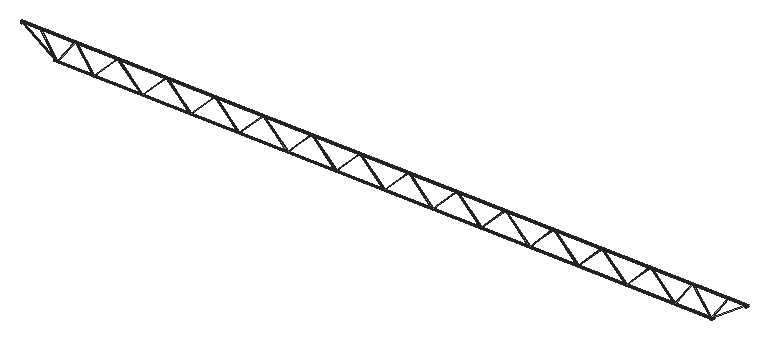
Revit family
Parameters (values of type "80SLH15")
  가변 패널 [instance] = (Length - (끝 패널 * 2) - IntPanelArrayLength) / 2  # 3068 mm
  시작 간격띄우기 [instance] = 0 mm
  시작 확장 [instance] = 0 mm
  M = 60
  웹 두께 = 25 mm
  좌석 길이 = 150 mm
  좌석 깊이 = 125 mm
  렌더링 재료 = none
  IntPanelWidth [instance] = 깊이 * 2  # 4064 mm
  IntPanelArrayNum [instance] = (PanelAreaLength / IntPanelWidth) - 2  # 12
  IntPanelArrayLength [instance] = IntPanelArrayNum * IntPanelWidth  # 48768 mm
  PanelAreaLength [instance] = Length - (끝 패널 * 2)  # 54904 mm
  끝 패널 = 1.5 * 깊이  # 3048 mm
  끝 간격띄우기 [instance] = 0 mm
  끝 확장 [instance] = 0 mm
  현재 다리 = 63.5 mm
  현재 두께 = 12.5 mm
  Assembly Code = ""
  Length [instance] = 61000 mm
  깊이 = 2032 mm
Reference planes
  plane 1 "중심(앞/뒤)": y = 0
  plane 2: z = 0
  plane 3 "중심(왼쪽/오른쪽)": x = 4.61
  plane 4 "왼쪽 부재": x = -3551.39
  plane 5 "오른쪽 부재": x = 3560.61
  plane 6: y = 76
  plane 7: y = -76
  plane 8: z = 1016
  plane 9: z = -1016
  plane 10 "왼쪽": x = -30495.39
  plane 11 "기호를 왼쪽에 부착": x = -3500.59
  plane 12 "기호를 오른쪽에 부착": x = 3509.81
  plane 13 "오른쪽": x = 30504.61
  plane 14: z = 891
  plane 15: x = -30345.39
  plane 16: x = -27447.39
  plane 17: x = -27647.39
  plane 18: x = 30354.61
  plane 19: x = 27456.61
  plane 20: y = 12.5
  plane 21: y = -12.5
  plane 22: z = 952.5
  plane 23: z = -952.5
  plane 24: x = 27656.61
  plane 25: x = -28896.39
  plane 26: x = -24379.39
  plane 27: x = 24388.61
  plane 28: x = 28905.61
  plane 29: z = -1009.65
  plane 30: z = 1009.65
  plane 31: x = -30495.39
  plane 32: x = 30504.61
  plane 33: x = -30495.39
  plane 34: x = 30504.61
Forms (mm)
  Extrusion 1, solid, material <- "렌더링 재료", detail levels medium+fine
    sketch origin (4.61, 0, 0) x (0, 1, 0) y (0, 0, 1)
      loop
        line (76, 1016) -> (12.5, 1016) -> (12.5, 952.5) -> (25, 952.5) -> (25, 1003.5) -> (76, 1003.5) -> (76, 1016)
      loop
        line (-76, 1016) -> (-76, 1003.5) -> (-25, 1003.5) -> (-25, 952.5) -> (-12.5, 952.5) -> (-12.5, 1016) -> (-76, 1016)
    from -30500 to 30500
  Extrusion 2, solid, material <- "렌더링 재료", detail levels medium+fine
    sketch origin (4.61, 0, 0) x (0, 1, 0) y (0, 0, 1)
      loop
        line (12.5, -952.5) -> (12.5, -1016) -> (76, -1016) -> (76, -1003.5) -> (25, -1003.5) -> (25, -952.5) -> (12.5, -952.5)
      loop
        line (-12.5, -952.5) -> (-25, -952.5) -> (-25, -1003.5) -> (-76, -1003.5) -> (-76, -1016) -> (-12.5, -1016) -> (-12.5, -952.5)
    from -27652 to 27652
  Extrusion 3, solid, material <- "렌더링 재료", detail levels medium+fine
    sketch origin (4.61, 0, 0) x (0, 1, 0) y (0, 0, 1)
      loop
        line (76, 891) -> (76, 903.5) -> (25, 903.5) -> (25, 952.5) -> (12.5, 952.5) -> (12.5, 891) -> (76, 891)
      loop
        line (-76, 891) -> (-12.5, 891) -> (-12.5, 952.5) -> (-25, 952.5) -> (-25, 903.5) -> (-76, 903.5) -> (-76, 891)
    from 30350 to 30500
  Extrusion 4, solid, material <- "렌더링 재료", detail levels medium+fine
    sketch origin (4.61, 0, 0) x (0, 1, 0) y (0, 0, 1)
      loop
        line (-76, 891) -> (-12.5, 891) -> (-12.5, 952.5) -> (-25, 952.5) -> (-25, 903.5) -> (-76, 903.5) -> (-76, 891)
      loop
        line (12.5, 891) -> (76, 891) -> (76, 903.5) -> (25, 903.5) -> (25, 952.5) -> (12.5, 952.5) -> (12.5, 891)
    from -30500 to -30350
  Sweep 5, solid, material <- "렌더링 재료", detail levels fine
    path in 3D
      loop
        line (27456.61, 0, -1009.65) -> (30354.61, 0, 952.5)
    profile "웹-프로파일 : 웹-프로파일" origin (28905.61, 0, -28.575) x (-0.56065, 0, 0.828053) y (0, -1, 0)
      loop
        line (-25.4, 18.85) -> (-25.4, 6.15) -> (25.4, 6.15) -> (25.4, 18.85) -> (-25.4, 18.85)
  Sweep 6, solid, material <- "렌더링 재료", detail levels fine
    path in 3D
      loop
        line (28902.707, 0, 952.5) -> (27456.61, 0, -1009.65)
    profile "웹-프로파일 : 웹-프로파일" origin (28179.659, 0, -28.575) x (0.804997, 0, -0.593279) y (0, -1, 0)
      loop
        line (-25.4, 6.35) -> (-25.4, -6.35) -> (25.4, -6.35) -> (25.4, 6.35) -> (-25.4, 6.35)
  Sweep 7, solid, material <- "렌더링 재료", detail levels fine
    path in 3D
      loop
        line (-30345.39, 0, 952.5) -> (-27447.39, 0, -1009.65)
    profile "웹-프로파일 : 웹-프로파일" origin (-28896.39, 0, -28.575) x (0.56065, 0, 0.828053) y (0, -1, 0)
      loop
        line (-25.4, 6.35) -> (-25.4, -6.35) -> (25.4, -6.35) -> (25.4, 6.35) -> (-25.4, 6.35)
  Sweep 8, solid, material <- "렌더링 재료", detail levels fine
    path in 3D
      loop
        line (-27447.39, 0, -1009.65) -> (-28896.39, 0, 952.5)
    profile "웹-프로파일 : 웹-프로파일" origin (-28171.89, 0, -28.575) x (-0.804428, 0, -0.59405) y (0, -1, 0)
      loop
        line (-25.4, 6.35) -> (-25.4, -6.35) -> (25.4, -6.35) -> (25.4, 6.35) -> (-25.4, 6.35)
Lines and regions (mm)
  symbolic lines, style "StructuralFraming", detail levels coarse
    curve 1: line (0, 76, 1016) -> (0, 12.5, 1016)
    curve 2: line (0, -76, -1016) -> (0, -12.5, -1016)
    curve 14: line (0, 12.5, -1016) -> (0, 76, -1016)
    curve 15: line (4.61, 12.5, -1016) -> (4.61, 12.5, -952.5)
    curve 16: line (4.61, -12.5, -1016) -> (4.61, -12.5, -952.5)
    curve 17: line (4.61, -12.5, 1016) -> (4.61, -12.5, 952.5)
    curve 18: line (4.61, 12.5, 1016) -> (4.61, 12.5, 952.5)
    curve 19: line (0, -12.5, 1016) -> (0, -76, 1016)
  symbolic lines, style "StructuralFraming", detail levels coarse+medium
    curve 3: line (0, 0, -1016) -> (0, 0, 1016)
  reference lines
    curve 4: line (-3350.59, 0, -1139.508) -> (-3350.59, 0, 1095.692)
    curve 5: line (-302.59, 0, -1145.858) -> (-302.59, 0, 1095.692)
    curve 6: line (3359.81, 0, -1086.588) -> (3359.81, 0, 1097.812)
    curve 7: line (311.81, 0, -1213.588) -> (311.81, 0, 1097.812)
  model lines, style "웹 조이스트", detail levels coarse
    curve 8: line (311.81, 0, -1016) -> (-302.59, 0, -1016)
    curve 9: line (3509.81, 0, 1016) -> (-3500.59, 0, 1016)
    curve 24: line (-302.59, 0, -1016) -> (-3350.59, 0, 1016)
    curve 25: line (311.81, 0, -1016) -> (3359.81, 0, 1016)
  model lines, style "StructuralFraming", detail levels medium
    curve 10: line (-27447.39, 0, -1009.65) -> (-28896.39, 0, 952.5)
    curve 11: line (-30345.39, 0, 952.5) -> (-27447.39, 0, -1009.65)
    curve 12: line (28902.707, 0, 952.5) -> (27456.61, 0, -1009.65)
    curve 13: line (27456.61, 0, -1009.65) -> (30354.61, 0, 952.5)
  sketch lines
    curve 20: line (27456.61, 0, -1009.65) -> (30354.61, 0, 952.5)
    curve 21: line (28902.707, 0, 952.5) -> (27456.61, 0, -1009.65)
    curve 22: line (-30345.39, 0, 952.5) -> (-27447.39, 0, -1009.65)
    curve 23: line (-27447.39, 0, -1009.65) -> (-28896.39, 0, 952.5)
  symbolic lines, detail levels fine
    curve 26: line (4.61, 12.5, -1009.65) -> (4.61, -12.5, -1009.65)
    curve 27: line (4.61, 12.5, -952.5) -> (4.61, 12.5, 952.5)
    curve 28: line (4.61, 12.5, 1009.65) -> (4.61, -12.5, 1009.65)
    curve 29: line (4.61, -12.5, -952.5) -> (4.61, -12.5, 952.5)
Dimensions and locks
  equal spacing: plane 9, plane 2, plane 8
  "Length": plane 10 "왼쪽" to plane 13 "오른쪽"
  equal spacing: plane 10 "왼쪽", plane 3 "중심(왼쪽/오른쪽)", plane 13 "오른쪽"
  "좌석 길이": curve 4 to plane 11 "기호를 왼쪽에 부착"
  "끝 패널": curve 5 to curve 4
  "좌석 길이": curve 6 to plane 12 "기호를 오른쪽에 부착"
  "끝 패널": curve 6 to curve 7
  "깊이": plane 9 to plane 8
  "좌석 깊이": plane 8 to plane 14
  locked: plane 17 to plane 16 at 200
  "끝 패널": plane 10 "왼쪽" to plane 16
  "끝 패널": plane 13 "오른쪽" to plane 19
  "웹 두께": plane 20 to plane 21
  equal spacing: plane 20, plane 1 "중심(앞/뒤)", plane 21
  "현재 다리": plane 21 to plane 7
  "현재 다리": plane 6 to plane 20
  "현재 다리": plane 9 to plane 23
  "현재 다리": plane 22 to plane 8
  "현재 두께": plane 8 to Extrusion 1 sketch curve
  "현재 두께": Extrusion 1 sketch curve to plane 8
  "현재 두께": plane 21 to Extrusion 1 sketch curve
  "현재 두께": Extrusion 1 sketch curve to plane 20
  "현재 두께": plane 9 to Extrusion 2 sketch curve  (x2)
  "현재 두께": Extrusion 2 sketch curve to plane 20
  "현재 두께": plane 21 to Extrusion 2 sketch curve
  locked: plane 19 to plane 24 at 200
  "현재 두께": plane 14 to Extrusion 3 sketch curve  (x2)
  "현재 두께": plane 21 to Extrusion 3 sketch curve
  "현재 두께": Extrusion 3 sketch curve to plane 20
  "현재 두께": plane 14 to Extrusion 4 sketch curve  (x2)
  "현재 두께": Extrusion 4 sketch curve to plane 20
  "현재 두께": plane 21 to Extrusion 4 sketch curve
  locked: plane 29 to plane 9 at 6.35
  locked: plane 8 to plane 30 at 6.35
  equal spacing: plane 16, plane 25, plane 15
  equal spacing: plane 18, plane 28, plane 19
  equal spacing: plane 27, plane 3 "중심(왼쪽/오른쪽)", plane 26
  "IntPanelArrayLength": plane 27 to plane 26
  equal spacing: group 1, group 3, group 4, group 5, group 6, group 7, group 8, group 9, group 10, group 11, group 12, group 2  (x3)
  "시작 확장": plane 31 to plane 33
  "좌석 길이": plane 33 to plane 15
  "시작 간격띄우기": plane 10 "왼쪽" to plane 33
  "끝 간격띄우기": plane 34 to plane 13 "오른쪽"
  "좌석 길이": plane 18 to plane 34
  "끝 확장": plane 32 to plane 34
  aligned and locked: curve 8 to plane 9
  aligned and locked: curve 9 to plane 8
  aligned and locked: curve 9 to plane 11 "기호를 왼쪽에 부착"
  aligned and locked: curve 5 to curve 8
  aligned and locked: curve 7 to curve 8
  aligned and locked: plane 8 to Extrusion 1 sketch curve
  aligned and locked: Extrusion 1 sketch curve to plane 8
  aligned and locked: plane 6 to Extrusion 1 sketch curve
  aligned and locked: plane 7 to Extrusion 1 sketch curve
  aligned and locked: Extrusion 1 sketch curve to plane 22
  aligned and locked: plane 22 to Extrusion 1 sketch curve
  aligned and locked: plane 9 to Extrusion 2 sketch curve
  aligned and locked: Extrusion 2 sketch curve to plane 9
  aligned and locked: Extrusion 2 sketch curve to plane 6
  aligned and locked: Extrusion 2 sketch curve to plane 7
  aligned and locked: plane 20 to Extrusion 2 sketch curve
  aligned and locked: plane 21 to Extrusion 2 sketch curve
  aligned and locked: Extrusion 2 sketch curve to plane 23
  aligned and locked: plane 23 to Extrusion 2 sketch curve
  aligned and locked: Extrusion 2 to plane 24
  aligned and locked: plane 17 to Extrusion 2
  aligned and locked: Extrusion 3 sketch curve to plane 7
  aligned and locked: plane 14 to Extrusion 3 sketch curve
  aligned and locked: Extrusion 3 sketch curve to plane 14
  aligned and locked: Extrusion 3 sketch curve to plane 6
  aligned and locked: plane 21 to Extrusion 3 sketch curve
  aligned and locked: plane 20 to Extrusion 3 sketch curve
  aligned and locked: Extrusion 3 sketch curve to plane 22
  aligned and locked: plane 22 to Extrusion 3 sketch curve
  aligned and locked: Extrusion 3 to plane 18
  aligned and locked: plane 6 to Extrusion 4 sketch curve
  aligned and locked: Extrusion 4 sketch curve to plane 7
  aligned and locked: Extrusion 4 sketch curve to plane 20
  aligned and locked: plane 21 to Extrusion 4 sketch curve
  aligned and locked: plane 22 to Extrusion 4 sketch curve  (x2)
  aligned and locked: Extrusion 4 sketch curve to plane 14  (x2)
  aligned and locked: plane 15 to Extrusion 4
  aligned and locked: Extrusion 2 to curve 15
  aligned and locked: curve 15 to Extrusion 2
  aligned and locked: curve 2 to curve 16
  aligned and locked: curve 16 to Extrusion 2
  aligned and locked: Extrusion 1 to curve 17
  aligned and locked: curve 17 to Extrusion 1
  aligned and locked: curve 18 to Extrusion 1  (x2)
  aligned and locked: curve 1 to Extrusion 1
  aligned and locked: nested 1 to plane 1 "중심(앞/뒤)"
  aligned and locked: nested 1 to plane 26
  aligned and locked: nested 2 to plane 27
  aligned and locked: nested 3 to plane 1 "중심(앞/뒤)"
  aligned and locked: nested 3 to plane 16
  aligned and locked: nested 4 to plane 19
  aligned and locked: curve 9 to plane 12 "기호를 오른쪽에 부착"
  aligned and locked: curve 13 to Extrusion 3
  aligned and locked: plane 25 to curve 10
  aligned and locked: curve 4 to curve 24
  aligned and locked: curve 6 to curve 25
  aligned and locked: Extrusion 4 to plane 31
  aligned and locked: Extrusion 1 to plane 31
  aligned and locked: plane 32 to Extrusion 1
  aligned and locked: plane 32 to Extrusion 3
Automatic sketch dimensions
  Extrusion 1 sketch curve to plane 21 = 0 mm
  Extrusion 1 sketch curve to plane 20 = 0 mm
  curve 14 to plane 6 = 0 mm
  curve 1 to plane 6 = 0 mm
  curve 14 to plane 9 = 0 mm
  curve 14 to plane 20 = 0 mm
  curve 1 to plane 20 = 0 mm
  curve 19 to plane 8 = 0 mm
  curve 19 to plane 21 = 0 mm
  curve 19 to plane 7 = 0 mm
  plane 9 to curve 7 = 197.588 mm
  plane 9 to curve 5 = 129.858 mm
  plane 9 to curve 4 = 123.508 mm
  plane 9 to curve 6 = 70.588 mm
  curve 5 to plane 8 = 79.692 mm
  curve 4 to plane 8 = 79.692 mm
  curve 7 to plane 8 = 81.812 mm
  curve 6 to plane 8 = 81.812 mm
  curve 11 to plane 15 = 0 mm
  curve 10 to plane 16 = 0 mm
  curve 12 to plane 19 = 0 mm
  curve 12 to plane 22 = 0 mm
  curve 13 to plane 18 = 0 mm
  curve 10 to plane 29 = 0 mm
  curve 13 to plane 29 = 0 mm
  curve 10 to plane 22 = 0 mm
  plane 28 to curve 12 = 2.903 mm
  curve 2 to plane 7 = 0 mm
  curve 2 to plane 9 = 0 mm
  curve 2 to plane 21 = 0 mm
  curve 3 to plane 1 "중심(앞/뒤)" = 0 mm
  curve 3 to plane 9 = 0 mm
  curve 26 to plane 29 = 0 mm
  curve 29 to plane 23 = 0 mm
  curve 15 to plane 23 = 0 mm
  curve 17 to plane 22 = 0 mm
  curve 27 to plane 22 = 0 mm
  curve 28 to plane 30 = 0 mm
  curve 3 to plane 8 = 0 mm
  curve 11 to plane 22 = 0 mm
Nested families
  nested 1: "경사 웨브" at (-24379.39, 0, 0), type "경사 웨브"
    with PanelHeight 2032 mm, PanelWidth 4064 mm
  nested 2: "경사 웨브" at (20324.61, 0, 0), type "경사 웨브"
    with PanelHeight 2032 mm, PanelWidth 4064 mm
  nested 3: "경사 웨브-변수" at (-27447.39, 0, 0), PanelWidth <- "가변 패널", type "경사 웨브-변수"
    with PanelWidth 3068 mm, PanelHeight 2032 mm
  nested 4: "경사 웨브-변수" at (24388.61, 0, 0), PanelWidth <- "가변 패널", type "경사 웨브-변수"
    with PanelWidth 3068 mm, PanelHeight 2032 mm
  nested 5: "경사 웨브" at (-20315.39, 0, 0), type "경사 웨브"
    with PanelHeight 2032 mm, PanelWidth 4064 mm
  nested 6: "경사 웨브" at (-16251.39, 0, 0), type "경사 웨브"
    with PanelHeight 2032 mm, PanelWidth 4064 mm
  nested 7: "경사 웨브" at (-12187.39, 0, 0), type "경사 웨브"
    with PanelHeight 2032 mm, PanelWidth 4064 mm
  nested 8: "경사 웨브" at (-8123.39, 0, 0), type "경사 웨브"
    with PanelHeight 2032 mm, PanelWidth 4064 mm
  nested 9: "경사 웨브" at (-4059.39, 0, 0), type "경사 웨브"
    with PanelHeight 2032 mm, PanelWidth 4064 mm
  nested 10: "경사 웨브" at (4.61, 0, 0), type "경사 웨브"
    with PanelHeight 2032 mm, PanelWidth 4064 mm
  nested 11: "경사 웨브" at (4068.61, 0, 0), type "경사 웨브"
    with PanelHeight 2032 mm, PanelWidth 4064 mm
  nested 12: "경사 웨브" at (8132.61, 0, 0), type "경사 웨브"
    with PanelHeight 2032 mm, PanelWidth 4064 mm
  nested 13: "경사 웨브" at (12196.61, 0, 0), type "경사 웨브"
    with PanelHeight 2032 mm, PanelWidth 4064 mm
  nested 14: "경사 웨브" at (16260.61, 0, 0), type "경사 웨브"
    with PanelHeight 2032 mm, PanelWidth 4064 mm
Definition of nested family "경사 웨브"
  Parameters (values of type "경사 웨브")
    웹 재료 = none
    웹 두께 = 두께 / 2  # 12.5 mm
    웹 간격띄우기 = 웹 다리 / 2  # 25.4 mm
    웹 다리 = 50.8 mm
    두께 = 25 mm
    PanelHeight = 1321 mm
    PanelWidth = 2642 mm
    Assembly Code = ""
  Reference planes
    plane 1 "중심(앞/뒤)": y = 0
    plane 2: z = 0
    plane 3 "중심(왼쪽/오른쪽)": x = 0
    plane 4: x = 2642
    plane 5: x = 1321
    plane 6: z = -660.5
    plane 7: z = -635.1
    plane 8: z = 635.5
    plane 9: z = 660.5
    plane 10: y = -12.5
    plane 11: y = 12.5
    plane 12: z = 597
    plane 13: z = -597
  Forms (mm)
    Sweep 1, solid, material <- "웹 재료", detail levels fine
      path in 3D
        loop
          line (0, 0, -635.1) -> (25.4, 0, -635.1) -> (1295.6, 0, 635.5) -> (1346.4, 0, 635.5)
      profile origin (12.7, 0, -635.1) x (0, 0, 1) y (0, -1, 0)
        loop
          line (25.4, 0) -> (25.4, 12.5) -> (-25.4, 12.5) -> (-25.4, 0) -> (25.4, 0)
    Sweep 2, solid, material <- "웹 재료", detail levels fine
      path in 3D
        loop
          line (2642, 0, -635.1) -> (2616.6, 0, -635.1) -> (1346.4, 0, 635.5) -> (1295.6, 0, 635.5)
      profile origin (2629.3, 0, -635.1) x (0, 0, -1) y (0, -1, 0)
        loop
          line (-25.4, -12.5) -> (25.4, -12.5) -> (25.4, 0) -> (-25.4, 0) -> (-25.4, -12.5)
    Sweep 3, solid, material <- "웹 재료", detail levels fine
      path in 3D
        loop
          line (99.413, -12.5, -596.99) -> (1293.425, -12.5, 597.398)
      profile origin (696.419, -12.5, 0.204) x (-0.707218, 0, 0.706995) y (0, -1, 0)
        loop
          line (0, 0) -> (12.5, 0) -> (12.5, 38.3) -> (0, 38.3) -> (0, 0)
    Sweep 4, solid, material <- "웹 재료", detail levels fine
      path in 3D
        loop
          line (2542.587, 12.5, -596.99) -> (1348.575, 12.5, 597.398)
      profile origin (1945.581, 12.5, 0.204) x (0.707218, 0, 0.706995) y (0, 1, 0)
        loop
          line (0, 0) -> (12.5, 0) -> (12.5, 38.3) -> (0, 38.3) -> (0, 0)
  Cuts and joins
    joined: Sweep 1, Sweep 3
    joined: Sweep 2, Sweep 4
  Lines and regions (mm)
    model lines, style "InvisibleLines"
      curve 1: line (0, 0, -660.5) -> (0, 0, 660.5)
      curve 2: line (0, 0, 660.5) -> (2642, 0, 660.5)
      curve 3: line (2642, 0, 660.5) -> (2642, 0, -660.5)
      curve 4: line (2642, 0, -660.5) -> (0, 0, -660.5)
    model lines, style "StructuralFraming", detail levels medium
      curve 5: line (1295.6, 0, 635.5) -> (1346.4, 0, 635.5)
      curve 6: line (0, 0, -635.1) -> (25.4, 0, -635.1)
      curve 7: line (2642, 0, -635.1) -> (2616.6, 0, -635.1)
      curve 8: line (25.4, 0, -635.1) -> (1295.6, 0, 635.5)
      curve 9: line (1346.4, 0, 635.5) -> (2616.6, 0, -635.1)
    sketch lines
      curve 10: line (0, 0, -635.1) -> (25.4, 0, -635.1)
      curve 11: line (25.4, 0, -635.1) -> (1295.6, 0, 635.5)
      curve 12: line (1295.6, 0, 635.5) -> (1346.4, 0, 635.5)
      curve 13: line (2642, 0, -635.1) -> (2616.6, 0, -635.1)
      curve 14: line (1346.4, 0, 635.5) -> (2616.6, 0, -635.1)
      curve 15: line (1295.6, 0, 635.5) -> (1346.4, 0, 635.5)
      curve 16: line (99.413, -12.5, -596.99) -> (1293.425, -12.5, 597.398)
      curve 17: line (2542.587, 12.5, -596.99) -> (1348.575, 12.5, 597.398)
  Dimensions and locks
    "PanelWidth": plane 4 to plane 3 "중심(왼쪽/오른쪽)"
    equal spacing: plane 4, plane 5, plane 3 "중심(왼쪽/오른쪽)"
    plane 7 to plane 6 = 25.4 mm
    "두께": plane 9 to plane 8
    "PanelHeight": plane 9 to plane 6
    equal spacing: plane 9, plane 2, plane 6
    "두께": plane 11 to plane 10
    equal spacing: plane 11, plane 1 "중심(앞/뒤)", plane 10
    locked: plane 9 to plane 12 at 63.5
    plane 13 to plane 6 = 63.5 mm
    "웹 간격띄우기": plane 7 to plane 6
    "웹 간격띄우기": curve 6 to plane 3 "중심(왼쪽/오른쪽)"
    "웹 간격띄우기": curve 7 to plane 4
    "웹 간격띄우기": plane 5 to curve 5
    "웹 간격띄우기": curve 5 to plane 5
    "웹 다리": Sweep 1 sketch curve to Sweep 1 sketch curve
    equal spacing: Sweep 1 sketch curve, plane 7, Sweep 1 sketch curve
    equal spacing: Sweep 2 sketch curve, profile plane, Sweep 2 sketch curve
    "웹 다리": Sweep 2 sketch curve to Sweep 2 sketch curve
    "웹 다리": plane 1 "중심(앞/뒤)" to Sweep 3 sketch curve
    "웹 두께": Sweep 3 sketch curve to Sweep 3 sketch curve
    "웹 다리": plane 1 "중심(앞/뒤)" to Sweep 4 sketch curve
    "웹 두께": Sweep 4 sketch curve to Sweep 4 sketch curve
    aligned and locked: plane 8 to curve 5
    aligned and locked: curve 7 to plane 7
    aligned and locked: plane 7 to curve 6
    aligned and locked: plane 9 to curve 2
    aligned and locked: plane 10 to Sweep 1 sketch curve
    aligned and locked: Sweep 1 sketch curve to plane 1 "중심(앞/뒤)"
    aligned and locked: Sweep 2 sketch curve to plane 11
    aligned and locked: profile plane to Sweep 2 sketch curve
    aligned and locked: Sweep 1 to curve 16
    aligned and locked: Sweep 3 sketch curve to profile plane
    aligned and locked: plane 10 to Sweep 3 sketch curve
    aligned and locked: plane 11 to Sweep 4 sketch curve
    aligned and locked: profile plane to Sweep 4 sketch curve
  Automatic sketch dimensions
    curve 1 to plane 3 "중심(왼쪽/오른쪽)" = 0 mm
    curve 3 to plane 4 = 0 mm
    curve 4 to plane 6 = 0 mm
Definition of nested family "경사 웨브-변수"
  Parameters (values of type "경사 웨브-변수")
    웹 재료 = none
    웹 두께 = 두께 / 2  # 12.5 mm
    웹 간격띄우기 = 웹 다리 / 2  # 25.4 mm
    웹 다리 = 50.8 mm
    두께 = 25 mm
    PanelHeight = 1321 mm
    PanelWidth [instance] = 1524 mm
    Assembly Code = ""
  Reference planes
    plane 1 "중심(앞/뒤)": y = 0
    plane 2: z = 0
    plane 3 "중심(왼쪽/오른쪽)": x = 0
    plane 4: x = 1524
    plane 5: x = 762
    plane 6: z = -660.5
    plane 7: z = -635.1
    plane 8: z = 635.5
    plane 9: z = 660.5
    plane 10: y = -12.5
    plane 11: y = 12.5
    plane 12: z = 597
    plane 13: z = -597
  Forms (mm)
    Sweep 1, solid, material <- "웹 재료", detail levels fine
      path in 3D
        loop
          line (0, 0, -635.1) -> (25.4, 0, -635.1) -> (736.6, 0, 635.5) -> (787.4, 0, 635.5)
      profile origin (12.7, 0, -635.1) x (0, 0, 1) y (0, -1, 0)
        loop
          line (25.4, 0) -> (25.4, 12.5) -> (-25.4, 12.5) -> (-25.4, 0) -> (25.4, 0)
    Sweep 2, solid, material <- "웹 재료", detail levels fine
      path in 3D
        loop
          line (1524, 0, -635.1) -> (1498.6, 0, -635.1) -> (787.4, 0, 635.5) -> (736.6, 0, 635.5)
      profile origin (1511.3, 0, -635.1) x (0, 0, -1) y (0, -1, 0)
        loop
          line (-25.4, -12.5) -> (25.4, -12.5) -> (25.4, 0) -> (-25.4, 0) -> (-25.4, -12.5)
    Sweep 3, solid, material <- "웹 재료", detail levels fine
      path in 3D
        loop
          line (84.153, -12.5, -582.138) -> (742.719, -12.5, 594.428)
      profile origin (413.436, -12.5, 6.145) x (-0.872604, 0, 0.488428) y (0, -1, 0)
        loop
          line (0, 0) -> (12.5, 0) -> (12.5, 38.3) -> (0, 38.3) -> (0, 0)
    Sweep 4, solid, material <- "웹 재료", detail levels fine
      path in 3D
        loop
          line (1439.847, 12.5, -582.138) -> (781.281, 12.5, 594.428)
      profile origin (1110.564, 12.5, 6.145) x (0.872604, 0, 0.488428) y (0, 1, 0)
        loop
          line (0, 0) -> (12.5, 0) -> (12.5, 38.3) -> (0, 38.3) -> (0, 0)
  Cuts and joins
    joined: Sweep 1, Sweep 3
    joined: Sweep 2, Sweep 4
  Lines and regions (mm)
    model lines, style "InvisibleLines"
      curve 1: line (0, 0, -660.5) -> (0, 0, 660.5)
      curve 2: line (0, 0, 660.5) -> (1524, 0, 660.5)
      curve 3: line (1524, 0, 660.5) -> (1524, 0, -660.5)
      curve 4: line (1524, 0, -660.5) -> (0, 0, -660.5)
    model lines, style "StructuralFraming", detail levels medium
      curve 5: line (736.6, 0, 635.5) -> (787.4, 0, 635.5)
      curve 6: line (0, 0, -635.1) -> (25.4, 0, -635.1)
      curve 7: line (1524, 0, -635.1) -> (1498.6, 0, -635.1)
      curve 8: line (25.4, 0, -635.1) -> (736.6, 0, 635.5)
      curve 9: line (787.4, 0, 635.5) -> (1498.6, 0, -635.1)
    sketch lines
      curve 10: line (0, 0, -635.1) -> (25.4, 0, -635.1)
      curve 11: line (25.4, 0, -635.1) -> (736.6, 0, 635.5)
      curve 12: line (736.6, 0, 635.5) -> (787.4, 0, 635.5)
      curve 13: line (1524, 0, -635.1) -> (1498.6, 0, -635.1)
      curve 14: line (787.4, 0, 635.5) -> (1498.6, 0, -635.1)
      curve 15: line (736.6, 0, 635.5) -> (787.4, 0, 635.5)
      curve 16: line (84.153, -12.5, -582.138) -> (742.719, -12.5, 594.428)
      curve 17: line (1439.847, 12.5, -582.138) -> (781.281, 12.5, 594.428)
  Dimensions and locks
    "PanelWidth": plane 4 to plane 3 "중심(왼쪽/오른쪽)"
    equal spacing: plane 4, plane 5, plane 3 "중심(왼쪽/오른쪽)"
    plane 7 to plane 6 = 25.4 mm
    "두께": plane 9 to plane 8
    "PanelHeight": plane 9 to plane 6
    equal spacing: plane 9, plane 2, plane 6
    "두께": plane 11 to plane 10
    equal spacing: plane 11, plane 1 "중심(앞/뒤)", plane 10
    locked: plane 9 to plane 12 at 63.5
    plane 13 to plane 6 = 63.5 mm
    "웹 간격띄우기": plane 7 to plane 6
    "웹 간격띄우기": curve 6 to plane 3 "중심(왼쪽/오른쪽)"
    "웹 간격띄우기": curve 7 to plane 4
    "웹 간격띄우기": plane 5 to curve 5
    "웹 간격띄우기": curve 5 to plane 5
    "웹 다리": Sweep 1 sketch curve to Sweep 1 sketch curve
    equal spacing: Sweep 1 sketch curve, plane 7, Sweep 1 sketch curve
    equal spacing: Sweep 2 sketch curve, profile plane, Sweep 2 sketch curve
    "웹 다리": Sweep 2 sketch curve to Sweep 2 sketch curve
    "웹 다리": plane 1 "중심(앞/뒤)" to Sweep 3 sketch curve
    "웹 두께": Sweep 3 sketch curve to Sweep 3 sketch curve
    "웹 다리": plane 1 "중심(앞/뒤)" to Sweep 4 sketch curve
    "웹 두께": Sweep 4 sketch curve to Sweep 4 sketch curve
    aligned and locked: plane 8 to curve 5
    aligned and locked: curve 7 to plane 7
    aligned and locked: plane 7 to curve 6
    aligned and locked: plane 9 to curve 2
    aligned and locked: plane 10 to Sweep 1 sketch curve
    aligned and locked: Sweep 1 sketch curve to plane 1 "중심(앞/뒤)"
    aligned and locked: Sweep 2 sketch curve to plane 11
    aligned and locked: profile plane to Sweep 2 sketch curve
    aligned and locked: Sweep 1 to curve 16
    aligned and locked: Sweep 3 sketch curve to profile plane
    aligned and locked: plane 10 to Sweep 3 sketch curve
    aligned and locked: Sweep 4 sketch curve to plane 11
    aligned and locked: profile plane to Sweep 4 sketch curve
  Automatic sketch dimensions
    curve 1 to plane 3 "중심(왼쪽/오른쪽)" = 0 mm
    curve 3 to plane 4 = 0 mm
    curve 4 to plane 6 = 0 mm
